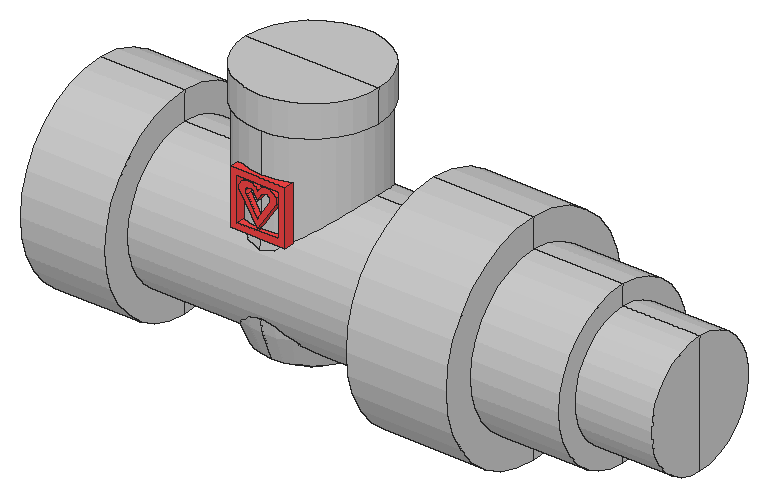
Revit family "RL-1 Rücklaufventil DG 3723", category Rohrzubehör, Revit 2021
Family settings
  Bemaßung runder Anschluss = Durchmesser verwenden
  Teiletyp = Unterbricht
  OmniClass-Nummer = 23.65.55.14
  OmniClass-Titel = Valves for Liquid Services
  Arbeitsebenenbasiert = Nein
  Immer vertikal = Nein
  Beim Laden mit Abzugskörper schneiden = Nein
  Gemeinsam genutzt = Nein
Parameters
  W01 = 60.00°  # constant formula
  Vorgabe-Ansicht = 0.000 mm
  URL = "www.herz-armaturen.at"
  SCRNSEQ = "ARM;ARM_TYP=\"ALLF\";2"
  SCRNCODE = "05;01;02"  # constant formula
  S04 = 45.000 mm  # constant formula
  S03 = 61.000 mm  # constant formula
  S02 [instance] = L05 + L06 + L07  # 63.900 mm
  S01 = 10.000 mm  # constant formula
  R06 = 11.000 mm  # constant formula
  R05 = 25.000 mm  # constant formula
  R04 = 2.000 mm  # constant formula
  R03 = 28.000 mm  # constant formula
  R02 = 11.500 mm  # constant formula
  R01 = 10.500 mm  # constant formula
  Nennweite [instance] = 20.000 mm
  Medium = "Heizwasserqualität entsprechend ÖNORM H 5195 bzw. VDI-Richtllinie 2035"
  Max.Betriebstemperatur = 120 °C  # constant formula
  Max.Betriebsdruck = 1000000.0 Pa  # constant formula
  LO1 = 7.000 mm  # constant formula
  L07 [instance] = size_lookup("3723_1_", "L7", 1.000 mm, Nennweite)  # 27.400 mm
  L06 [instance] = size_lookup("3723_1_", "L6", 1.000 mm, Nennweite)  # 16.500 mm
  L05 [instance] = L02 - L04  # 20.000 mm
  L04 [instance] = size_lookup("3723_1_", "L4", 1.000 mm, Nennweite)  # 10.000 mm
  L03 [instance] = size_lookup("3723_1_", "L3", 1.000 mm, Nennweite)  # 14.000 mm
  L02 [instance] = size_lookup("3723_1_", "L2", 1.000 mm, Nennweite)  # 30.000 mm
  L01 [instance] = size_lookup("3723_1_", "L1", 1.000 mm, Nennweite)  # 35.000 mm
  Hersteller = "HERZ Armaturen Ges.m.b.H."  # constant formula
  H05 = 5.200 mm  # constant formula
  H04 = 3.500 mm  # constant formula
  H03 = 28.000 mm  # constant formula
  H02 [instance] = 25.500 mm  # constant formula
  H01 = 17.000 mm  # constant formula
  Gehäuse = "vernickeltes Messing"  # constant formula
  GTI [instance] = size_lookup("3723_1_", "GT1", 1.000 mm, Nennweite)  # 12.700 mm
  GT [instance] = size_lookup("3723_1_", "GT", 1.000 mm, Nennweite)  # 9.500 mm
  G2 [instance] = Nennweite / 2  # 10.000 mm
  G1 [instance] = Nennweite / 2  # 10.000 mm
  D05 [instance] = size_lookup("3723_1_", "D5", 1.000 mm, Nennweite)  # 13.220 mm
  D04 [instance] = size_lookup("3723_1_", "D4", 1.000 mm, Nennweite)  # 18.000 mm
  D03 [instance] = size_lookup("3723_1_", "D3", 1.000 mm, Nennweite)  # 13.000 mm
  D02 [instance] = size_lookup("3723_1_", "D2", 1.000 mm, Nennweite)  # 12.000 mm
  D01 [instance] = size_lookup("3723_1_", "D1", 1.000 mm, Nennweite)  # 16.500 mm
  Bestellnummer [instance] = size_lookup("3723_1_", "Artnr", 0, Nennweite)  # 1372342
  Ausführungen = "Alle Modelle werden in vernickelter Ausführung geliefert und sind Universalmodelle mit Spezialmuffe für Gewinderohr und Klemmsetanschluß."
  Anwendungsgebiet = "Warmwasserheizungsanlagen\r\nDurch Einbau des Rücklaufventils ist der Heizkörper-Rücklaufanschluß absperrbar.\r\nDadurch kann bei gleichzeitiger Absperrung des Vorlaufventils der Heizkörper bei unter Druck stehender Anlage demontiert werden.\r\nEs ist dann möglich, Servicearbeiten oder Arbeiten an der Wand hinter dem Heizkörper (Tapezierung, Verﬂ iesung) durchzuführen, ohne die übrige Anlage stillsetzen zu müssen.\r\nIst eine Voreinstellung des Rücklaufventils oder Füllen und Entleeren von Heizkörper oder Anlage über das Rücklaufventil gefordert, wird der Einbau des Rücklaufventils HERZ-RL-5 empfohlen."
Reference planes
  plane 1 "Mitte (Vorne/hinten)": y = 0
  plane 2: z = 0
  plane 3 "Mitte (Links/rechts)": x = 0
Forms (mm)
  Revolve 1, solid, material "Messing, weicher Gelbton, geschweißt", detail levels fine
    sketch origin (0, 0, 0) x (1, 0, 0) y (0, 0, 1)
      loop
        line (-25.5, 0) -> (30, 0) -> (30, 13) -> (20, 13) -> (20, 12) -> (-21, 12) -> (-21, 16.5) -> (-35, 16.5) -> (-35, 10) -> (-25.5, 10) -> (-25.5, 0)
      axis (-35, 0) -> (30, 0)
    angle from 0 to 360
  Revolve 2, solid, material "Messing, weicher Gelbton, geschweißt", detail levels fine
    sketch origin (0, 0, 0) x (0, 1, 0) y (0, 0, 1)
      loop
        line (0, 25.5) -> (-10.5, 25.5) -> (-10.5, 7)
        arc (-10.5, 7) -> (-11.341, -2.816) -> (-8.325, -12.194) r 25
        line (-8.325, -12.194) -> (0, -17) -> (0, 25.5)
      axis (0, -17) -> (0, 25.5)
    angle from 0 to 360
  Revolve 3, solid, material "Messing, weicher Gelbton, geschweißt", detail levels fine
    sketch origin (0, 0, 0) x (1, 0, 0) y (0, 0, 1)
      loop
        line (30, 0) -> (63.9, 0) -> (63.9, 10) -> (51.2, 10) -> (51.2, 13.22) -> (36.5, 13.22) -> (36.5, 18) -> (20, 18) -> (20, 13) -> (30, 13) -> (30, 0)
      axis (20, 0) -> (63.9, 0)
    angle from 0 to 360
  Revolve 4, solid, material "Messing, weicher Gelbton, geschweißt", detail levels fine
    sketch origin (0, 0, 0) x (1, 0, 0) y (0, 0, 1)
      loop
        line (0, 22.8) -> (11, 22.8) -> (11, 28) -> (0, 28) -> (0, 22.8)
      axis (0, 28) -> (0, 22.8)
    angle from 0 to 360
Lines and regions (mm)
  model lines, detail levels coarse+medium
    curve 1: line (-35, 0, 16.5) -> (-35, 0, -16.5)
    curve 2: line (-35, 0, -16.5) -> (35, 0, 16.5)
    curve 3: line (35, 0, 16.5) -> (35, 0, -16.5)
    curve 4: line (35, 0, -16.5) -> (-35, 0, 16.5)
    curve 5: line (35, 0, 16.5) -> (45, 0, 16.5)
    curve 6: line (45, 0, 16.5) -> (35, 0, 0)
    curve 7: line (35, 0, -16.5) -> (45, 0, -16.5)
    curve 8: line (45, 0, -16.5) -> (35, 0, 0)
    curve 9: line (35, 0, 0) -> (63.9, 0, 0)
    curve 10: line (-35, 16.5, 0) -> (-35, -16.5, 0)
    curve 11: line (-35, -16.5, 0) -> (35, 16.5, 0)
    curve 12: line (35, 16.5, 0) -> (35, -16.5, 0)
    curve 13: line (35, -16.5, 0) -> (-35, 16.5, 0)
    curve 14: line (35, 16.5, 0) -> (45, 16.5, 0)
    curve 15: line (45, 16.5, 0) -> (35, 0, 0)
    curve 16: line (35, -16.5, 0) -> (45, -16.5, 0)
    curve 17: line (45, -16.5, 0) -> (35, 0, 0)
Dimensions and locks
  "L01": Revolve 1 sketch curve to plane 3 "Mitte (Links/rechts)"
  "L02": Revolve 1 sketch curve to plane 3 "Mitte (Links/rechts)"
  "G1": Revolve 1 sketch curve to plane 2
  "GT": Revolve 1 sketch curve to Revolve 1 sketch curve
  "D01": Revolve 1 sketch curve to Revolve 1 sketch curve
  "D02": Revolve 1 sketch curve to Revolve 1 sketch curve
  "D03": Revolve 1 sketch curve to Revolve 1 sketch curve
  "L03": Revolve 1 sketch curve to Revolve 1 sketch curve
  "L04": Revolve 1 sketch curve to Revolve 1 sketch curve
  "H01": plane 2 to Revolve 2 sketch curve
  "H02": Revolve 2 sketch curve to plane 2
  "R01": Revolve 2 sketch curve to plane 1 "Mitte (Vorne/hinten)"
  "R02": Revolve 2 sketch curve to plane 1 "Mitte (Vorne/hinten)"
  "D03": Revolve 3 sketch curve to plane 2
  "L04": Revolve 3 sketch curve to Revolve 3 sketch curve
  "L05": Revolve 3 sketch curve to plane 3 "Mitte (Links/rechts)"
  "L06": Revolve 3 sketch curve to Revolve 3 sketch curve
  "L07": Revolve 3 sketch curve to Revolve 3 sketch curve
  "D04": Revolve 3 sketch curve to Revolve 3 sketch curve
  "G2": Revolve 3 sketch curve to Revolve 3 sketch curve
  "D05": Revolve 3 sketch curve to Revolve 3 sketch curve
  "GTI": Revolve 3 sketch curve to Revolve 3 sketch curve
  "LO1": nested 1 to plane 2
  "D01": curve 4 to plane 2 to curve 2
  "D01": curve 3 to plane 2 to curve 4
  "L01": curve 1 to plane 3 "Mitte (Links/rechts)" to curve 3
  "S01": curve 3 to curve 6
  "S02": curve 9 to plane 3 "Mitte (Links/rechts)"
  "L01": curve 10 to plane 3 "Mitte (Links/rechts)" to curve 12
  "D01": curve 11 to plane 1 "Mitte (Vorne/hinten)" to curve 13
  "D01": curve 13 to plane 1 "Mitte (Vorne/hinten)" to curve 12
  "S01": curve 12 to curve 15
  "S01": curve 12 to curve 17
  "H03": Revolve 4 sketch curve to plane 2
  "H05": Revolve 4 sketch curve to Revolve 4 sketch curve
  "R06": Revolve 4 sketch curve to Revolve 4 sketch curve
  "R05": radius of Revolve 2 sketch curve
  "W01": angle Revolve 2 sketch curve to Revolve 2 sketch curve
  aligned and locked: level to plane 2
Automatic sketch dimensions
  curve 9 to level = 0.000 mm
  curve 3 to curve 8 = 10.000 mm
  plane 1 "Mitte (Vorne/hinten)" to curve 17 = 0.000 mm
  Revolve 1 sketch curve to level = 0.000 mm  (x2)
  Revolve 1 sketch curve to Revolve 1 sketch curve = 1436.530 mm
  Revolve 1 sketch curve to Revolve 1 sketch curve = 1779.148 mm
  Revolve 2 sketch curve to plane 1 "Mitte (Vorne/hinten)" = 0.000 mm  (x2)
  Revolve 2 sketch curve to level = 0.000 mm
  Revolve 2 sketch curve to Revolve 2 sketch curve = 98.333 mm
  Revolve 2 sketch curve to Revolve 2 sketch curve = 1236.335 mm
  Revolve 3 sketch curve to level = 0.000 mm  (x2)
  Revolve 3 sketch curve to plane 3 "Mitte (Links/rechts)" = 1506.530 mm
  Revolve 3 sketch curve to Revolve 3 sketch curve = 1789.648 mm
  Revolve 4 sketch curve to plane 3 "Mitte (Links/rechts)" = 0.000 mm  (x2)
  Revolve 4 sketch curve to level = 366.045 mm
  Revolve 4 sketch curve to Revolve 4 sketch curve = 2188.615 mm
Nested families
  nested 1: "Herz-Logo-vorne" at (0, -10.5, 11.5) x (0, 1, 0) z (0, 0, 1), type "Herz-Logo-vorne", detail levels fine
Connectors
  piping at (-25.5, 0, 0), diameter 20, driven by "Nennweite"
    settings: on Revolve 1, index 1, connector inside diameter 609.6 mm, connector length 0.000 mm, flow factor 0, pipe flow 0.0 L/s, pressure drop 0.0 Pa, fitting loss kfactor 0, connector angle 0.00°, fixture units 0, engagement length 0.000 mm, angle of deflection 0.00°, flow configuration 0, flow direction 1, fitting loss method 0, system type 8, joint type 0, gender type 0, connector reference index -1, connector utility 0, adjustable connector no, is connector primary yes, connector description ""
  piping at (63.9, 0, 0), diameter 20, driven by "Nennweite"
    settings: on Revolve 3, index 2, connector inside diameter 609.6 mm, connector length 0.000 mm, flow factor 0, pipe flow 0.0 L/s, pressure drop 0.0 Pa, fitting loss kfactor 0, connector angle 0.00°, fixture units 0, engagement length 0.000 mm, angle of deflection 0.00°, flow configuration 0, flow direction 2, fitting loss method 0, system type 8, joint type 0, gender type 0, connector reference index -1, connector utility 0, adjustable connector no, is connector primary no, connector description ""
Definition of nested family "Herz-Logo-vorne"
  Parameters (values of type "Herz-Logo-vorne")
    Default Elevation = 0.000 mm
  Reference planes
    plane 1 "Mitte (Vorne/hinten)": y = 0
    plane 2: z = 0
    plane 3 "Mitte (Links/rechts)": x = 0
  Forms (mm)
    Extrusion 1, solid
      sketch origin (0.732, -0.018, 0.017) x (0, -1, 0) y (0, 0, 1)
        loop
          line (-0.018, -4.517) -> (4.482, -4.517) -> (4.482, 4.483) -> (-4.518, 4.483) -> (-4.518, -4.517) -> (-0.018, -4.517)
        loop
          line (-0.05, -3.48) -> (3.482, -3.48) -> (3.482, 3.483) -> (-3.518, 3.483) -> (-3.518, -3.48) -> (-0.05, -3.48)
        loop
          arc (-0.018, 2.383) -> (-1.543, 3.287) -> (-3.067, 2.383) r 1.738
          arc (-3.067, 2.383) -> (-3.191, 1.899) -> (-3.067, 1.415) r 1.009
          line (-3.067, 1.415) -> (-0.018, -3.281) -> (3.032, 1.415)
          arc (3.032, 1.415) -> (3.156, 1.899) -> (3.032, 2.383) r 1.009
          arc (3.032, 2.383) -> (1.507, 3.287) -> (-0.018, 2.383) r 1.738
        loop
          arc (1.885, 1.272) -> (2.005, 1.675) -> (1.885, 2.079) r 0.74
          arc (1.885, 2.079) -> (1.265, 2.416) -> (0.644, 2.079) r 0.74
          line (0.644, 2.079) -> (-0.018, 0.97) -> (-0.679, 2.079)
          arc (-0.679, 2.079) -> (-1.3, 2.416) -> (-1.921, 2.079) r 0.74
          arc (-1.921, 2.079) -> (-2.04, 1.675) -> (-1.921, 1.272) r 0.74
          line (-1.921, 1.272) -> (-0.018, -1.658) -> (1.885, 1.272)
      from 0 to 1.5
  Dimensions and locks
    aligned and locked: level to plane 2
